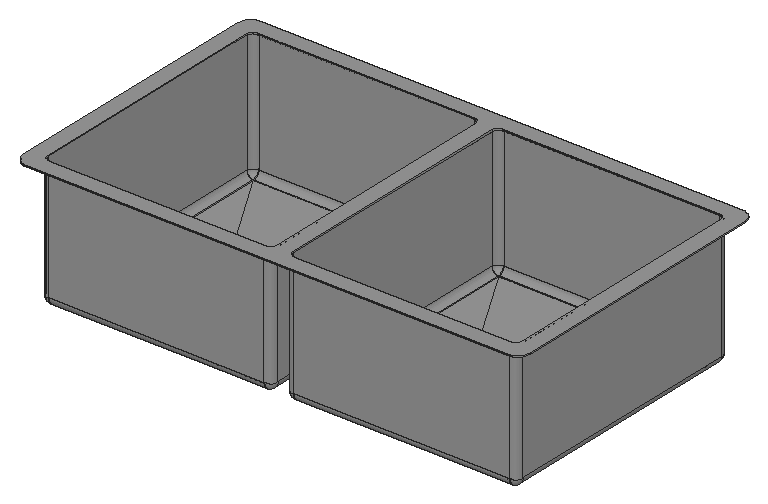
Revit family "BUILDMAT-SNGD013-Madison-775-Brass-Gold", category Plumbing Fixtures, host Face, Revit 2020
Family settings
  Host = Face
  Round Connector Dimension = Use Diameter
  Part Type = Normal
  Cut with Voids When Loaded = No
  Shared = No
  Room Calculation Point = No
Parameters (values of type "Madison 775x450x205mm")
  Width 2 = 350.0 mm
  Width 1 = 350.0 mm
  Undermount [instance] = 20.0 mm
  URL = "https://www.buildmat.com.au/products/775x450-madison-double-bowl-sink"
  Sound Pad 2 = yes
  Sound Pad 1 = yes
  Model = "SNA01013"  # constant formula
  Manufacturer URL = "https://www.buildmat.com.au/"
  Manufacturer = "BUILDMAT"  # constant formula
  Length = 400.0 mm
  Gap = 25.0 mm
  Drain Sound Pad 2 = yes
  Drain Sound Pad 1 = yes
  Description = "BUILDMAT - Madison 775x450 Double Bowl Sink"  # constant formula
  Depth = 205.0 mm
  Default Elevation = 1200.0 mm
  D. S. Pad 2 = 230.0 mm
  D. S. Pad 1 = 230.0 mm
  D. Bracket 4 = 100.0 mm
  D. Bracket 3 = 25.0 mm
  D. Bracket 2 = 30.0 mm
  D. Bracket 1 = 100.0 mm
  Created By URL = "https://www.buildmat.com.au/"
  Created By = "BUILDMAT"  # constant formula
  Created = "22.06.2022"  # constant formula
  Bracket 4 = yes
  Bracket 3 = no
  Bracket 2 = yes
  Bracket 1 = yes
  Material = BUILDMAT Brass Gold
Reference planes
  plane 1 "Center (Front/Back)": y = 0
  plane 2: z = 0
  plane 3 "Center (Left/Right)": x = 0
  plane 4: x = -12.5
  plane 5: x = 12.5
  plane 6: x = -362.5
  plane 7: x = 362.5
  plane 8: y = -200
  plane 9: y = 200
  plane 10: x = -387.5
  plane 11: x = 387.5
  plane 12: y = -225
  plane 13: y = 225
  plane 14: x = 187.5
  plane 15: x = -187.5
  plane 16: y = 190
  plane 17: y = -190
  plane 18: x = -352.5
  plane 19: x = -22.5
  plane 20: x = 22.5
  plane 21: x = 352.5
  plane 22: y = 201.5
  plane 23: y = -201.5
  plane 24: x = -364
  plane 25: x = -11
  plane 26: x = 11
  plane 27: x = 364
  plane 28: x = -244.5
  plane 29: x = -130.5
  plane 30: x = -142.5
  plane 31: x = -232.5
  plane 32: x = 130.5
  plane 33: x = 142.5
  plane 34: x = 232.5
  plane 35: x = 244.5
  plane 36 "Sound Pad 1": x = -132.5
  plane 37 "Sound Pad 2": x = 132.5
  plane 38 "Top Substrate": z = -20
  plane 39: z = -18.5
  plane 40 "Bottom Void": z = -225
  plane 41: z = -215
  plane 42: z = -205
  plane 43: z = -220
  plane 44: z = -221.481
  plane 45: z = -216.5
  plane 46 "Sound Pad": z = -125
  plane 47 "Bracket 1": x = -262.5
  plane 48 "Bracket 2": x = -42.5
  plane 49 "Bracket 3": x = 37.5
  plane 50 "Bracket 4": x = 262.5
  plane 51: y = 100
  plane 52: y = -100
  plane 53: x = -287.5
  plane 54: x = -87.5
  plane 55: x = 87.5
  plane 56: x = 287.5
  plane 57: z = -185
  plane 58: z = -165
Forms (mm)
  Extrusion 1, void
    sketch origin (0, 0, 0) x (1, 0, 0) y (0, 1, 0)
      loop
        arc (-352.5, 200) -> (-359.571, 197.071) -> (-362.5, 190) r 10
        line (-362.5, 190) -> (-362.5, -190)
        arc (-362.5, -190) -> (-359.571, -197.071) -> (-352.5, -200) r 10
        line (-352.5, -200) -> (352.5, -200)
        arc (352.5, -200) -> (359.571, -197.071) -> (362.5, -190) r 10
        line (362.5, -190) -> (362.5, 190)
        arc (362.5, 190) -> (359.571, 197.071) -> (352.5, 200) r 10
        line (352.5, 200) -> (-352.5, 200)
    from 0 to -18.5
  Extrusion 2, void
    sketch origin (0, 0, 0) x (1, 0, 0) y (0, 1, 0)
      loop
        arc (-367.5, 225) -> (-381.642, 219.142) -> (-387.5, 205) r 20
        line (-387.5, 205) -> (-387.5, -205)
        arc (-387.5, -205) -> (-381.642, -219.142) -> (-367.5, -225) r 20
        line (-367.5, -225) -> (367.5, -225)
        arc (367.5, -225) -> (381.642, -219.142) -> (387.5, -205) r 20
        line (387.5, -205) -> (387.5, 205)
        arc (387.5, 205) -> (381.642, 219.142) -> (367.5, 225) r 20
        line (367.5, 225) -> (-367.5, 225)
    from -20 to -18.5
  Extrusion 3, void
    sketch origin (0, 0, 0) x (1, 0, 0) y (0, 1, 0)
      loop
        line (-364, 201.5) -> (-364, -201.5) -> (364, -201.5) -> (364, 201.5) -> (-364, 201.5)
    from -225 to -20
  Extrusion 4, solid, material "BUILDMAT Brass Gold" <- "Material"
    sketch origin (0, 0, -20) x (-1, 0, 0) y (0, -1, 0)
      loop
        arc (367.5, -225) -> (381.642, -219.142) -> (387.5, -205) r 20
        line (387.5, -205) -> (387.5, 205)
        arc (387.5, 205) -> (381.642, 219.142) -> (367.5, 225) r 20
        line (367.5, 225) -> (-367.5, 225)
        arc (-367.5, 225) -> (-381.642, 219.142) -> (-387.5, 205) r 20
        line (-387.5, 205) -> (-387.5, -205)
        arc (-387.5, -205) -> (-381.642, -219.142) -> (-367.5, -225) r 20
        line (-367.5, -225) -> (367.5, -225)
      loop
        arc (352.5, -200) -> (359.571, -197.071) -> (362.5, -190) r 10
        line (362.5, -190) -> (362.5, 190)
        arc (362.5, 190) -> (359.571, 197.071) -> (352.5, 200) r 10
        line (352.5, 200) -> (22.5, 200)
        arc (22.5, 200) -> (15.429, 197.071) -> (12.5, 190) r 10
        line (12.5, 190) -> (12.5, -190)
        arc (12.5, -190) -> (15.429, -197.071) -> (22.5, -200) r 10
        line (22.5, -200) -> (352.5, -200)
      loop
        line (-12.5, -190) -> (-12.5, 190)
        arc (-12.5, 190) -> (-15.429, 197.071) -> (-22.5, 200) r 10
        line (-22.5, 200) -> (-352.5, 200)
        arc (-352.5, 200) -> (-359.571, 197.071) -> (-362.5, 190) r 10
        line (-362.5, 190) -> (-362.5, -190)
        arc (-362.5, -190) -> (-359.571, -197.071) -> (-352.5, -200) r 10
        line (-352.5, -200) -> (-22.5, -200)
        arc (-22.5, -200) -> (-15.429, -197.071) -> (-12.5, -190) r 10
    from 0 to 1.5
  Extrusion 5, solid, material "BUILDMAT Brass Gold" <- "Material"
    sketch origin (0, 0, -20) x (-1, 0, 0) y (0, -1, 0)
      loop
        arc (352.5, -200) -> (359.571, -197.071) -> (362.5, -190) r 10
        line (362.5, -190) -> (362.5, 190)
        arc (362.5, 190) -> (359.571, 197.071) -> (352.5, 200) r 10
        line (352.5, 200) -> (22.5, 200)
        arc (22.5, 200) -> (15.429, 197.071) -> (12.5, 190) r 10
        line (12.5, 190) -> (12.5, -190)
        arc (12.5, -190) -> (15.429, -197.071) -> (22.5, -200) r 10
        line (22.5, -200) -> (352.5, -200)
      loop
        arc (352.5, -201.5) -> (360.632, -198.132) -> (364, -190) r 11.5
        line (364, -190) -> (364, 190)
        arc (364, 190) -> (360.632, 198.132) -> (352.5, 201.5) r 11.5
        line (352.5, 201.5) -> (22.5, 201.5)
        arc (22.5, 201.5) -> (14.368, 198.132) -> (11, 190) r 11.5
        line (11, 190) -> (11, -190)
        arc (11, -190) -> (14.368, -198.132) -> (22.5, -201.5) r 11.5
        line (22.5, -201.5) -> (352.5, -201.5)
    from 0 to -185
  Extrusion 6, solid, material "BUILDMAT Brass Gold" <- "Material"
    sketch origin (0, 0, -20) x (-1, 0, 0) y (0, -1, 0)
      loop
        arc (-22.5, -200) -> (-15.429, -197.071) -> (-12.5, -190) r 10
        line (-12.5, -190) -> (-12.5, 190)
        arc (-12.5, 190) -> (-15.429, 197.071) -> (-22.5, 200) r 10
        line (-22.5, 200) -> (-352.5, 200)
        arc (-352.5, 200) -> (-359.571, 197.071) -> (-362.5, 190) r 10
        line (-362.5, 190) -> (-362.5, -190)
        arc (-362.5, -190) -> (-359.571, -197.071) -> (-352.5, -200) r 10
        line (-352.5, -200) -> (-22.5, -200)
      loop
        line (-11, -190) -> (-11, 190)
        arc (-11, 190) -> (-14.368, 198.132) -> (-22.5, 201.5) r 11.5
        line (-22.5, 201.5) -> (-352.5, 201.5)
        arc (-352.5, 201.5) -> (-360.632, 198.132) -> (-364, 190) r 11.5
        line (-364, 190) -> (-364, -190)
        arc (-364, -190) -> (-360.632, -198.132) -> (-352.5, -201.5) r 11.5
        line (-352.5, -201.5) -> (-22.5, -201.5)
        arc (-22.5, -201.5) -> (-14.368, -198.132) -> (-11, -190) r 11.5
    from 0 to -185
  Extrusion 7, solid, material "BUILDMAT Brass Gold" <- "Material"
    sketch origin (0, 0, 0) x (1, 0, 0) y (0, 0, 1)
      loop
        line (-362.5, -205) -> (-364, -205)
        arc (-364, -205) -> (-360.632, -213.132) -> (-352.5, -216.5) r 11.5
        line (-352.5, -216.5) -> (-352.5, -215)
        arc (-352.5, -215) -> (-359.571, -212.071) -> (-362.5, -205) r 10
    from -190 to 190
  Extrusion 8, solid, material "BUILDMAT Brass Gold" <- "Material"
    sketch origin (0, 0, 0) x (1, 0, 0) y (0, 0, 1)
      loop
        arc (-12.5, -205) -> (-15.429, -212.071) -> (-22.5, -215) r 10
        line (-22.5, -215) -> (-22.5, -216.5)
        arc (-22.5, -216.5) -> (-14.368, -213.132) -> (-11, -205) r 11.5
        line (-11, -205) -> (-12.5, -205)
    from -190 to 190
  Extrusion 9, solid, material "BUILDMAT Brass Gold" <- "Material"
    sketch origin (0, 0, 0) x (1, 0, 0) y (0, 0, 1)
      loop
        line (12.5, -205) -> (11, -205)
        arc (11, -205) -> (14.368, -213.132) -> (22.5, -216.5) r 11.5
        line (22.5, -216.5) -> (22.5, -215)
        arc (22.5, -215) -> (15.429, -212.071) -> (12.5, -205) r 10
    from -190 to 190
  Extrusion 10, solid, material "BUILDMAT Brass Gold" <- "Material"
    sketch origin (0, 0, 0) x (1, 0, 0) y (0, 0, 1)
      loop
        arc (362.5, -205) -> (359.571, -212.071) -> (352.5, -215) r 10
        line (352.5, -215) -> (352.5, -216.5)
        arc (352.5, -216.5) -> (360.632, -213.132) -> (364, -205) r 11.5
        line (364, -205) -> (362.5, -205)
    from -190 to 190
  Extrusion 11, solid, material "BUILDMAT Brass Gold" <- "Material"
    sketch origin (0, 0, 0) x (0, 1, 0) y (0, 0, 1)
      loop
        line (201.5, -205) -> (200, -205)
        arc (200, -205) -> (197.071, -212.071) -> (190, -215) r 10
        line (190, -215) -> (190, -216.5)
        arc (190, -216.5) -> (198.132, -213.132) -> (201.5, -205) r 11.5
    from 22.5 to 352.5
  Extrusion 12, solid, material "BUILDMAT Brass Gold" <- "Material"
    sketch origin (0, 0, 0) x (0, 1, 0) y (0, 0, 1)
      loop
        line (-200, -205) -> (-201.5, -205)
        arc (-201.5, -205) -> (-198.132, -213.132) -> (-190, -216.5) r 11.5
        line (-190, -216.5) -> (-190, -215)
        arc (-190, -215) -> (-197.071, -212.071) -> (-200, -205) r 10
    from 22.5 to 352.5
  Extrusion 13, solid, material "BUILDMAT Brass Gold" <- "Material"
    sketch origin (0, 0, 0) x (0, 1, 0) y (0, 0, 1)
      loop
        arc (200, -205) -> (197.071, -212.071) -> (190, -215) r 10
        line (190, -215) -> (190, -216.5)
        arc (190, -216.5) -> (198.132, -213.132) -> (201.5, -205) r 11.5
        line (201.5, -205) -> (200, -205)
    from -352.5 to -22.5
  Extrusion 14, solid, material "BUILDMAT Brass Gold" <- "Material"
    sketch origin (0, 0, 0) x (0, 1, 0) y (0, 0, 1)
      loop
        line (-200, -205) -> (-201.5, -205)
        arc (-201.5, -205) -> (-198.132, -213.132) -> (-190, -216.5) r 11.5
        line (-190, -216.5) -> (-190, -215)
        arc (-190, -215) -> (-197.071, -212.071) -> (-200, -205) r 10
    from -352.5 to -22.5
  Revolve 15, solid, material "BUILDMAT Brass Gold" <- "Material"
    sketch origin (-423.435, 190, 4000) x (-1, 0, 0) y (0, 0, 1)
      loop
        arc (-60.935, -4205) -> (-63.864, -4212.071) -> (-70.935, -4215) r 10
        line (-70.935, -4215) -> (-70.935, -4216.5)
        arc (-70.935, -4216.5) -> (-62.804, -4213.132) -> (-59.435, -4205) r 11.5
        line (-59.435, -4205) -> (-60.935, -4205)
      axis (-70.935, -4205) -> (-70.935, -4216.5)
    angle from -90 to 0
  Revolve 16, solid, material "BUILDMAT Brass Gold" <- "Material"
    sketch origin (-423.435, 190, 4000) x (-1, 0, 0) y (0, 0, 1)
      loop
        line (-410.935, -4205) -> (-412.435, -4205)
        arc (-412.435, -4205) -> (-409.067, -4213.132) -> (-400.935, -4216.5) r 11.5
        line (-400.935, -4216.5) -> (-400.935, -4215)
        arc (-400.935, -4215) -> (-408.006, -4212.071) -> (-410.935, -4205) r 10
      axis (-400.935, -4205) -> (-400.935, -4216.5)
    angle from -90 to 0
  Revolve 17, solid, material "BUILDMAT Brass Gold" <- "Material"
    sketch origin (-423.435, 190, 4000) x (-1, 0, 0) y (0, 0, 1)
      loop
        arc (-435.935, -4205) -> (-438.864, -4212.071) -> (-445.935, -4215) r 10
        line (-445.935, -4215) -> (-445.935, -4216.5)
        arc (-445.935, -4216.5) -> (-437.804, -4213.132) -> (-434.435, -4205) r 11.5
        line (-434.435, -4205) -> (-435.935, -4205)
      axis (-445.935, -4205) -> (-445.935, -4216.5)
    angle from -90 to 0
  Revolve 18, solid, material "BUILDMAT Brass Gold" <- "Material"
    sketch origin (-423.435, 190, 4000) x (-1, 0, 0) y (0, 0, 1)
      loop
        line (-785.935, -4205) -> (-787.435, -4205)
        arc (-787.435, -4205) -> (-784.067, -4213.132) -> (-775.935, -4216.5) r 11.5
        line (-775.935, -4216.5) -> (-775.935, -4215)
        arc (-775.935, -4215) -> (-783.006, -4212.071) -> (-785.935, -4205) r 10
      axis (-775.935, -4205) -> (-775.935, -4216.5)
    angle from -90 to 0
  Revolve 19, solid, material "BUILDMAT Brass Gold" <- "Material"
    sketch origin (-423.435, -190, 4000) x (-1, 0, 0) y (0, 0, 1)
      loop
        arc (-60.935, -4205) -> (-63.864, -4212.071) -> (-70.935, -4215) r 10
        line (-70.935, -4215) -> (-70.935, -4216.5)
        arc (-70.935, -4216.5) -> (-62.804, -4213.132) -> (-59.435, -4205) r 11.5
        line (-59.435, -4205) -> (-60.935, -4205)
      axis (-70.935, -4205) -> (-70.935, -4216.5)
    angle from 0 to 90
  Revolve 20, solid, material "BUILDMAT Brass Gold" <- "Material"
    sketch origin (-423.435, -190, 4000) x (-1, 0, 0) y (0, 0, 1)
      loop
        arc (-412.435, -4205) -> (-409.067, -4213.132) -> (-400.935, -4216.5) r 11.5
        line (-400.935, -4216.5) -> (-400.935, -4215)
        arc (-400.935, -4215) -> (-408.006, -4212.071) -> (-410.935, -4205) r 10
        line (-410.935, -4205) -> (-412.435, -4205)
      axis (-400.935, -4205) -> (-400.935, -4216.5)
    angle from 0 to 90
  Revolve 21, solid, material "BUILDMAT Brass Gold" <- "Material"
    sketch origin (-423.435, -190, 4000) x (-1, 0, 0) y (0, 0, 1)
      loop
        line (-434.435, -4205) -> (-435.935, -4205)
        arc (-435.935, -4205) -> (-438.864, -4212.071) -> (-445.935, -4215) r 10
        line (-445.935, -4215) -> (-445.935, -4216.5)
        arc (-445.935, -4216.5) -> (-437.804, -4213.132) -> (-434.435, -4205) r 11.5
      axis (-445.935, -4205) -> (-445.935, -4216.5)
    angle from 0 to 90
  Revolve 22, solid, material "BUILDMAT Brass Gold" <- "Material"
    sketch origin (-423.435, -190, 4000) x (-1, 0, 0) y (0, 0, 1)
      loop
        arc (-787.435, -4205) -> (-784.067, -4213.132) -> (-775.935, -4216.5) r 11.5
        line (-775.935, -4216.5) -> (-775.935, -4215)
        arc (-775.935, -4215) -> (-783.006, -4212.071) -> (-785.935, -4205) r 10
        line (-785.935, -4205) -> (-787.435, -4205)
      axis (-775.935, -4205) -> (-775.935, -4216.5)
    angle from 0 to 90
  Extrusion 23, solid, material "BUILDMAT Brass Gold" <- "Material"
    sketch origin (0, 0, -20) x (-1, 0, 0) y (0, -1, 0)
      loop
        line (22.5, -190) -> (352.5, -190) -> (352.5, 190) -> (22.5, 190) -> (22.5, -190)
    from -196.5 to -195
  Extrusion 24, solid, material "BUILDMAT Brass Gold" <- "Material"
    sketch origin (0, 0, -20) x (-1, 0, 0) y (0, -1, 0)
      loop
        line (-22.5, -190) -> (-22.5, 190) -> (-352.5, 190) -> (-352.5, -190) -> (-22.5, -190)
    from -196.5 to -195
  Blend 25, solid, material "BUILDMAT Brass Gold" <- "Material"
    base sketch origin (0, 0, -20) x (-1, 0, 0) y (0, -1, 0)
      loop
        circle (187.5, 0) r 57
    top sketch origin (0, 0, -20) x (-1, 0, 0) y (0, -1, 0)
      loop
        line (352.5, -190) -> (352.5, 190) -> (22.5, 190) -> (22.5, -190) -> (352.5, -190)
    from -201.481 to -196.5
  Blend 26, solid, material "BUILDMAT Brass Gold" <- "Material"
    base sketch origin (0, 0, -20) x (-1, 0, 0) y (0, -1, 0)
      loop
        circle (-187.5, 0) r 57
    top sketch origin (0, 0, -20) x (-1, 0, 0) y (0, -1, 0)
      loop
        line (-22.5, -190) -> (-22.5, 190) -> (-352.5, 190) -> (-352.5, -190) -> (-22.5, -190)
    from -201.481 to -196.5
  Blend 27, void
    base sketch origin (0, 0, -20) x (-1, 0, 0) y (0, -1, 0)
      loop
        circle (187.5, 0) r 57
    top sketch origin (0, 0, -20) x (-1, 0, 0) y (0, -1, 0)
      loop
        line (352.5, -190) -> (352.5, 190) -> (22.5, 190) -> (22.5, -190) -> (352.5, -190)
    from -200 to -195
  Blend 28, void
    base sketch origin (0, 0, -20) x (-1, 0, 0) y (0, -1, 0)
      loop
        circle (-187.5, 0) r 57
    top sketch origin (0, 0, -20) x (-1, 0, 0) y (0, -1, 0)
      loop
        line (-22.5, -190) -> (-22.5, 190) -> (-352.5, 190) -> (-352.5, -190) -> (-22.5, -190)
    from -200 to -195
  Extrusion 29, void
    sketch origin (0, 0, -225) x (-1, 0, 0) y (0, -1, 0)
      loop
        circle (187.5, 0) r 57
    from 0 to 5
  Extrusion 30, void
    sketch origin (0, 0, -225) x (-1, 0, 0) y (0, -1, 0)
      loop
        circle (-187.5, 0) r 57
    from 0 to 5
  Revolve 31, solid, material "BUILDMAT Brass Gold" <- "Material"
    sketch origin (0, 0, 0) x (1, 0, 0) y (0, 0, 1)
      loop
        spline (-244.5, -220) -> (-244.397, -220.653) -> (-244.091, -221.294) -> (-243.587, -221.913) -> (-242.892, -222.5) -> (-242.02, -223.044) -> (-240.985, -223.536) -> (-239.805, -223.967) -> (-238.5, -224.33) -> (-237.092, -224.619) -> (-235.606, -224.83) -> (-234.066, -224.957) -> (-232.5, -225)
        line (-232.5, -225) -> (-232.5, -223.5)
        spline (-232.5, -223.5) -> (-233.871, -223.47) -> (-235.218, -223.381) -> (-236.518, -223.234) -> (-237.75, -223.031) -> (-238.892, -222.777) -> (-239.925, -222.475) -> (-240.83, -222.131) -> (-241.593, -221.75) -> (-242.201, -221.339) -> (-242.642, -220.906) -> (-242.91, -220.457) -> (-243, -220)
        line (-243, -220) -> (-244.5, -220)
      axis (-187.5, -225) -> (-187.5, -220)
    angle from 0 to 360
  Revolve 32, solid, material "BUILDMAT Brass Gold" <- "Material"
    sketch origin (0, 0, 0) x (1, 0, 0) y (0, 0, 1)
      loop
        line (244.5, -220) -> (243, -220)
        spline (243, -220) -> (242.91, -220.457) -> (242.642, -220.906) -> (242.201, -221.339) -> (241.593, -221.75) -> (240.83, -222.131) -> (239.925, -222.475) -> (238.892, -222.777) -> (237.75, -223.031) -> (236.518, -223.234) -> (235.218, -223.381) -> (233.871, -223.47) -> (232.5, -223.5)
        line (232.5, -223.5) -> (232.5, -225)
        spline (232.5, -225) -> (234.066, -224.957) -> (235.606, -224.83) -> (237.092, -224.619) -> (238.5, -224.33) -> (239.805, -223.967) -> (240.985, -223.536) -> (242.02, -223.044) -> (242.892, -222.5) -> (243.587, -221.913) -> (244.091, -221.294) -> (244.397, -220.653) -> (244.5, -220)
      axis (187.5, -220) -> (187.5, -225)
    angle from 0 to 360
Cuts and joins
  Blend 27, Extrusion 29 cuts Extrusion 23
  Blend 27, Extrusion 29 cuts Blend 25
  joined: Extrusion 23, Blend 25
  Blend 28, Extrusion 30 cuts Extrusion 24
  Blend 28, Extrusion 30 cuts Blend 26
  joined: Extrusion 24, Blend 26
Lines and regions (mm)
  Masking region 1
    outline origin (0, 0, 0) x (1, 0, 0) y (0, 0, 1)
      loop
        line (-362.5, -20) -> (-362.5, -205)
        arc (-362.5, -205) -> (-359.571, -212.071) -> (-352.5, -215) r 10
        line (-352.5, -215) -> (-244.5, -220) -> (-130.5, -220) -> (-22.5, -215)
        arc (-22.5, -215) -> (-15.429, -212.071) -> (-12.5, -205) r 10
        line (-12.5, -205) -> (-12.5, -20) -> (-362.5, -20)
  Masking region 2
    outline origin (0, 0, 0) x (1, 0, 0) y (0, 0, 1)
      loop
        line (12.5, -20) -> (12.5, -205)
        arc (12.5, -205) -> (15.109, -211.736) -> (21.576, -214.957) r 10
        line (21.576, -214.957) -> (130.5, -220) -> (244.5, -220) -> (352.5, -215)
        arc (352.5, -215) -> (359.571, -212.071) -> (362.5, -205) r 10
        line (362.5, -205) -> (362.5, -20) -> (12.5, -20)
  Masking region 3, visible <- "Drain Sound Pad 1"
    outline origin (0, 0, 0) x (1, 0, 0) y (0, 0, 1)
      loop
        line (-244.5, -221.481) -> (-287.5, -219.498) -> (-287.5, -225) -> (-244.5, -225) -> (-244.5, -221.481)
  Masking region 4, visible <- "Drain Sound Pad 1"
    outline origin (0, 0, 0) x (1, 0, 0) y (0, 0, 1)
      loop
        line (-130.5, -221.481) -> (-130.5, -225) -> (-87.5, -225) -> (-87.5, -219.498) -> (-130.5, -221.481)
  Masking region 5, visible <- "Drain Sound Pad 2"
    outline origin (0, 0, 0) x (1, 0, 0) y (0, 0, 1)
      loop
        line (87.5, -219.498) -> (87.5, -225) -> (130.5, -225) -> (130.5, -221.481) -> (87.5, -219.498)
  Masking region 6, visible <- "Drain Sound Pad 2"
    outline origin (0, 0, 0) x (1, 0, 0) y (0, 0, 1)
      loop
        line (287.5, -219.498) -> (244.5, -221.481) -> (244.5, -225) -> (287.5, -225) -> (287.5, -219.498)
  Masking region 7
    outline origin (0, 0, 0) x (1, 0, 0) y (0, 0, 1)
      loop
        line (-11, -165) -> (-11, -185) -> (11, -185) -> (11, -165) -> (-11, -165)
Text (mm)
  text "Refer to www.buildmat.com.au for the most current product literature. \nAllow a +/- 5mm tolerance for dimensions shown in the product literature. \nPlease note product details are subject to change due to ongoing product development." at (0.056, -1035.857, 0), in view "Ref. Level"
Dimensions and locks
  equal spacing: plane 4, plane 3 "Center (Left/Right)", plane 5
  "Gap": plane 4 to plane 5
  "Width 1": plane 6 to plane 4
  "Width 2": plane 5 to plane 7
  equal spacing: plane 9, plane 1 "Center (Front/Back)", plane 8
  "Length": plane 8 to plane 9
  locked: plane 10 to plane 6 at 25
  locked: plane 7 to plane 11 at 25
  locked: plane 13 to plane 9 at 25
  locked: plane 8 to plane 12 at 25
  equal spacing: plane 5, plane 14, plane 7
  equal spacing: plane 6, plane 15, plane 4
  locked: plane 9 to plane 16 at 10
  locked: plane 17 to plane 8 at 10
  locked: plane 6 to plane 18 at 10
  locked: plane 19 to plane 4 at 10
  locked: plane 5 to plane 20 at 10
  locked: plane 21 to plane 7 at 10
  locked: plane 8 to plane 23 at 1.5
  locked: plane 22 to plane 9 at 1.5
  locked: plane 24 to plane 6 at 1.5
  locked: plane 4 to plane 25 at 1.5
  locked: plane 26 to plane 5 at 1.5
  locked: plane 7 to plane 27 at 1.5
  plane 28 to plane 15 to plane 29 = 57.0 mm locked, 57.0 mm locked
  plane 31 to plane 15 to plane 30 = 45.0 mm locked, 45.0 mm locked
  plane 32 to plane 14 to plane 35 = 57.0 mm locked, 57.0 mm locked
  plane 33 to plane 14 to plane 34 = 45.0 mm locked, 45.0 mm locked
  locked: plane 39 to plane 38 "Top Substrate" at 1.5
  plane 42 to plane 41 to plane 40 "Bottom Void" = 10.0 mm locked, 10.0 mm locked
  locked: plane 43 to plane 40 "Bottom Void" at 5
  locked: plane 43 to plane 44 at 1.481
  locked: plane 41 to plane 45 at 1.5
  locked: plane 46 "Sound Pad" to plane 40 "Bottom Void" at 100
  "Depth": plane 38 "Top Substrate" to plane 40 "Bottom Void"
  "Undermount": plane 2 to plane 38 "Top Substrate"
  "D. S. Pad 1": plane 36 "Sound Pad 1" to plane 6
  "D. S. Pad 2": plane 7 to plane 37 "Sound Pad 2"
  "D. Bracket 1": plane 47 "Bracket 1" to plane 6
  "D. Bracket 2": plane 4 to plane 48 "Bracket 2"
  "D. Bracket 3": plane 49 "Bracket 3" to plane 5
  "D. Bracket 4": plane 7 to plane 50 "Bracket 4"
  locked: plane 9 to plane 51 at 100
  locked: plane 52 to plane 8 at 100
  plane 54 to plane 15 to plane 53 = 100.0 mm locked, 100.0 mm locked
  plane 56 to plane 14 to plane 55 = 100.0 mm locked, 100.0 mm locked
  plane 58 to plane 57 to plane 42 = 20.0 mm locked, 20.0 mm locked
  aligned and locked: plane 2 to host face
  aligned and locked: level to host face
  aligned and locked: Extrusion 1 sketch curve to plane 9
  aligned and locked: Extrusion 1 sketch curve to plane 6
  aligned and locked: Extrusion 1 sketch curve to plane 7
  aligned and locked: Extrusion 1 sketch curve to plane 8
  aligned and locked: Extrusion 1 to level
  aligned and locked: Extrusion 1 to plane 39
  aligned and locked: Extrusion 2 sketch curve to plane 13
  aligned and locked: Extrusion 2 sketch curve to plane 10
  aligned and locked: Extrusion 2 sketch curve to plane 11
  aligned and locked: Extrusion 2 sketch curve to plane 12
  aligned and locked: Extrusion 2 to plane 38 "Top Substrate"
  aligned and locked: Extrusion 2 to plane 39
  aligned and locked: Extrusion 3 sketch curve to plane 22
  aligned and locked: Extrusion 3 sketch curve to plane 24
  aligned and locked: Extrusion 3 sketch curve to plane 27
  aligned and locked: Extrusion 3 sketch curve to plane 23
  aligned and locked: Extrusion 3 to plane 40 "Bottom Void"
  aligned and locked: plane 38 "Top Substrate" to Extrusion 3
  aligned and locked: Extrusion 4 sketch curve to plane 13
  aligned and locked: Extrusion 4 sketch curve to plane 10
  aligned and locked: Extrusion 4 sketch curve to plane 11
  aligned and locked: Extrusion 4 sketch curve to plane 12
  aligned and locked: Extrusion 4 sketch curve to plane 9  (x2)
  aligned and locked: Extrusion 4 sketch curve to plane 6
  aligned and locked: Extrusion 4 sketch curve to plane 8  (x2)
  aligned and locked: Extrusion 4 sketch curve to plane 4
  aligned and locked: Extrusion 4 sketch curve to plane 5
  aligned and locked: Extrusion 4 sketch curve to plane 7
  aligned and locked: Extrusion 4 to plane 38 "Top Substrate"
  aligned and locked: Extrusion 4 to plane 39
  aligned and locked: Extrusion 5 sketch curve to plane 9
  aligned and locked: Extrusion 5 sketch curve to plane 22
  aligned and locked: Extrusion 5 sketch curve to plane 6
  aligned and locked: Extrusion 5 sketch curve to plane 24
  aligned and locked: Extrusion 5 sketch curve to plane 25
  aligned and locked: Extrusion 5 sketch curve to plane 4
  aligned and locked: Extrusion 5 sketch curve to plane 23
  aligned and locked: Extrusion 5 sketch curve to plane 8
  aligned and locked: Extrusion 5 to plane 42
  aligned and locked: plane 38 "Top Substrate" to Extrusion 5
  aligned and locked: Extrusion 6 sketch curve to plane 9
  aligned and locked: Extrusion 6 sketch curve to plane 7
  aligned and locked: Extrusion 6 sketch curve to plane 8
  aligned and locked: Extrusion 6 sketch curve to plane 5
  aligned and locked: Extrusion 6 sketch curve to plane 26
  aligned and locked: Extrusion 6 sketch curve to plane 27
  aligned and locked: Extrusion 6 sketch curve to plane 22
  aligned and locked: Extrusion 6 sketch curve to plane 23
  aligned and locked: Extrusion 6 to plane 42
  aligned and locked: plane 38 "Top Substrate" to Extrusion 6
  aligned and locked: Extrusion 7 sketch curve to plane 42
  aligned and locked: Extrusion 7 sketch curve to plane 18
  aligned and locked: Extrusion 8 sketch curve to plane 42
  aligned and locked: Extrusion 8 sketch curve to plane 19
  aligned and locked: Extrusion 9 sketch curve to plane 42
  aligned and locked: Extrusion 9 sketch curve to plane 20
  aligned and locked: Extrusion 10 sketch curve to plane 21
  aligned and locked: plane 42 to Extrusion 10 sketch curve
  aligned and locked: plane 16 to Extrusion 10
  aligned and locked: plane 16 to Extrusion 9
  aligned and locked: plane 16 to Extrusion 8
  aligned and locked: plane 16 to Extrusion 7
  aligned and locked: Extrusion 10 to plane 17
  aligned and locked: Extrusion 9 to plane 17
  aligned and locked: Extrusion 8 to plane 17
  aligned and locked: Extrusion 7 to plane 17
  aligned and locked: plane 42 to Extrusion 11 sketch curve
  aligned and locked: plane 16 to Extrusion 11 sketch curve
  aligned and locked: plane 17 to Extrusion 12 sketch curve
  aligned and locked: plane 42 to Extrusion 12 sketch curve
  aligned and locked: plane 21 to Extrusion 11
  aligned and locked: plane 21 to Extrusion 12
  aligned and locked: Extrusion 11 to plane 20
  aligned and locked: Extrusion 12 to plane 20
  aligned and locked: plane 16 to Extrusion 13 sketch curve
  aligned and locked: plane 42 to Extrusion 13 sketch curve
  aligned and locked: plane 17 to Extrusion 14 sketch curve
  aligned and locked: plane 42 to Extrusion 14 sketch curve
  aligned and locked: Extrusion 14 to plane 18
  aligned and locked: plane 19 to Extrusion 14
  aligned and locked: Extrusion 13 to plane 18
  aligned and locked: plane 19 to Extrusion 13
  aligned and locked: Revolve 15 sketch curve to plane 18
  aligned and locked: plane 42 to Revolve 15 sketch curve
  aligned and locked: plane 18 to Revolve 15 sketch curve
  aligned and locked: plane 18 to Revolve 15
  aligned and locked: plane 16 to Revolve 15
  aligned and locked: Revolve 16 sketch curve to plane 19
  aligned and locked: plane 19 to Revolve 16 sketch curve
  aligned and locked: plane 42 to Revolve 16 sketch curve
  aligned and locked: Revolve 16 to plane 19
  aligned and locked: plane 16 to Revolve 16
  aligned and locked: Revolve 17 sketch curve to plane 20
  aligned and locked: plane 42 to Revolve 17 sketch curve
  aligned and locked: plane 20 to Revolve 17 sketch curve
  aligned and locked: plane 20 to Revolve 17
  aligned and locked: plane 16 to Revolve 17
  aligned and locked: Revolve 18 sketch curve to plane 21
  aligned and locked: plane 21 to Revolve 18 sketch curve
  aligned and locked: plane 42 to Revolve 18 sketch curve
  aligned and locked: Revolve 18 to plane 21
  aligned and locked: Revolve 18 to plane 16
  aligned and locked: Revolve 19 sketch curve to plane 18
  aligned and locked: plane 42 to Revolve 19 sketch curve
  aligned and locked: plane 18 to Revolve 19 sketch curve
  aligned and locked: Revolve 19 to plane 18
  aligned and locked: plane 17 to Revolve 19
  aligned and locked: Revolve 20 sketch curve to plane 19
  aligned and locked: plane 42 to Revolve 20 sketch curve
  aligned and locked: plane 19 to Revolve 20 sketch curve
  aligned and locked: plane 19 to Revolve 20
  aligned and locked: plane 17 to Revolve 20
  aligned and locked: Revolve 21 sketch curve to plane 20
  aligned and locked: plane 42 to Revolve 21 sketch curve
  aligned and locked: plane 20 to Revolve 21 sketch curve
  aligned and locked: Revolve 21 to plane 20
  aligned and locked: plane 17 to Revolve 21
  aligned and locked: Revolve 22 sketch curve to plane 21
  aligned and locked: plane 42 to Revolve 22 sketch curve
  aligned and locked: plane 21 to Revolve 22 sketch curve
  aligned and locked: Revolve 22 to plane 17
  aligned and locked: plane 21 to Revolve 22
  aligned and locked: Extrusion 23 sketch curve to plane 19
  aligned and locked: Extrusion 23 sketch curve to plane 18
  aligned and locked: Extrusion 23 sketch curve to plane 16
  aligned and locked: Extrusion 23 sketch curve to plane 17
  aligned and locked: Extrusion 23 to plane 45
  aligned and locked: plane 41 to Extrusion 23
  aligned and locked: Extrusion 24 sketch curve to plane 16
  aligned and locked: Extrusion 24 sketch curve to plane 17
  aligned and locked: Extrusion 24 sketch curve to plane 21
  aligned and locked: Extrusion 24 sketch curve to plane 20
  aligned and locked: Extrusion 24 to plane 45
  aligned and locked: Extrusion 24 to plane 41
  aligned and locked: plane 44 to Blend 25
  aligned and locked: plane 45 to Blend 25
  aligned and locked: plane 44 to Blend 26
  aligned and locked: Blend 26 to plane 45
  aligned and locked: Blend 25 sketch curve to plane 16
  aligned and locked: Blend 25 sketch curve to plane 17
  aligned and locked: Blend 25 sketch curve to plane 18
  aligned and locked: Blend 25 sketch curve to plane 19
  aligned and locked: Blend 26 sketch curve to plane 16
  aligned and locked: Blend 26 sketch curve to plane 17
  aligned and locked: Blend 26 sketch curve to plane 21
  aligned and locked: Blend 26 sketch curve to plane 20
  aligned and locked: Blend 27 sketch curve to plane 16
  aligned and locked: Blend 27 sketch curve to plane 17
  aligned and locked: Blend 27 sketch curve to plane 18
  aligned and locked: Blend 27 sketch curve to plane 19
  aligned and locked: Blend 27 to plane 43
  aligned and locked: plane 41 to Blend 27
  aligned and locked: Blend 28 sketch curve to plane 16
  aligned and locked: Blend 28 sketch curve to plane 17
  aligned and locked: Blend 28 sketch curve to plane 21
  aligned and locked: Blend 28 sketch curve to plane 20
  aligned and locked: Blend 28 to plane 43
  aligned and locked: Blend 28 to plane 41
  aligned and locked: Extrusion 29 to plane 40 "Bottom Void"
  aligned and locked: plane 43 to Extrusion 29
  aligned and locked: Extrusion 30 to plane 40 "Bottom Void"
  aligned and locked: plane 43 to Extrusion 30
  aligned and locked: plane 15 to Revolve 31 sketch curve
  aligned and locked: Revolve 31 sketch curve to plane 43
  aligned and locked: plane 31 to Revolve 31 sketch curve
  aligned and locked: Revolve 32 sketch curve to plane 14
  aligned and locked: plane 34 to Revolve 32 sketch curve
  aligned and locked: plane 43 to Revolve 32 sketch curve
  aligned and locked: plane 18 to nested 1
  aligned and locked: plane 19 to nested 1
  aligned and locked: plane 17 to nested 1
  aligned and locked: plane 16 to nested 1
  aligned and locked: plane 20 to nested 2
  aligned and locked: plane 21 to nested 2
  aligned and locked: nested 2 to plane 17
  aligned and locked: nested 2 to plane 16
  aligned and locked: plane 14 to nested 4
  aligned and locked: plane 15 to nested 3
  aligned and locked: plane 1 "Center (Front/Back)" to nested 3
  aligned and locked: plane 1 "Center (Front/Back)" to nested 4
  aligned and locked: plane 51 to nested 5
  aligned and locked: plane 24 to nested 5
  aligned and locked: plane 52 to nested 6
  aligned and locked: plane 24 to nested 6
  aligned and locked: plane 51 to nested 7
  aligned and locked: plane 52 to nested 8
  aligned and locked: nested 8 to plane 27
  aligned and locked: nested 7 to plane 27
  aligned and locked: nested 13 to plane 47 "Bracket 1"
  aligned and locked: nested 14 to plane 48 "Bracket 2"
  aligned and locked: plane 23 to nested 13
  aligned and locked: plane 23 to nested 14
  aligned and locked: nested 15 to plane 49 "Bracket 3"
  aligned and locked: plane 23 to nested 15
  aligned and locked: nested 16 to plane 50 "Bracket 4"
  aligned and locked: nested 16 to plane 23
  aligned and locked: plane 47 "Bracket 1" to nested 9
  aligned and locked: nested 9 to plane 22
  aligned and locked: plane 48 "Bracket 2" to nested 10
  aligned and locked: nested 10 to plane 22
  aligned and locked: plane 49 "Bracket 3" to nested 11
  aligned and locked: plane 50 "Bracket 4" to nested 12
  aligned and locked: plane 22 to nested 12
  aligned and locked: nested 11 to plane 22
  aligned and locked: Masking region 1 sketch curve to plane 38 "Top Substrate"
  aligned and locked: Masking region 1 sketch curve to plane 6
  aligned and locked: Masking region 1 sketch curve to plane 4
  aligned and locked: Masking region 1 sketch curve to Extrusion 7
  aligned and locked: Masking region 1 sketch curve to Extrusion 8
  aligned and locked: Masking region 1 sketch curve to plane 43
  aligned and locked: Masking region 1 sketch curve to cut or joined group of Extrusion 23, Blend 25, Blend 27, Extrusion 29  (x2)
  aligned and locked: Masking region 2 sketch curve to plane 38 "Top Substrate"
  aligned and locked: Masking region 2 sketch curve to plane 43
  aligned and locked: Masking region 2 sketch curve to plane 7
  aligned and locked: Masking region 2 sketch curve to plane 5
  aligned and locked: Masking region 2 sketch curve to Extrusion 9
  aligned and locked: Masking region 2 sketch curve to cut or joined group of Extrusion 24, Blend 26, Blend 28, Extrusion 30  (x2)
  aligned and locked: Masking region 2 sketch curve to Extrusion 10
  aligned and locked: nested 17 to plane 38 "Top Substrate"
  aligned and locked: plane 47 "Bracket 1" to nested 17
  aligned and locked: nested 18 to plane 38 "Top Substrate"
  aligned and locked: plane 48 "Bracket 2" to nested 18
  aligned and locked: nested 20 to plane 38 "Top Substrate"
  aligned and locked: plane 50 "Bracket 4" to nested 20
  aligned and locked: nested 19 to plane 38 "Top Substrate"
  aligned and locked: plane 49 "Bracket 3" to nested 19
  aligned and locked: nested 21 to plane 46 "Sound Pad"
  aligned and locked: plane 36 "Sound Pad 1" to nested 21
  aligned and locked: nested 22 to plane 46 "Sound Pad"
  aligned and locked: plane 37 "Sound Pad 2" to nested 22
  aligned and locked: Masking region 3 sketch curve to plane 28
  aligned and locked: cut or joined group of Extrusion 23, Blend 25, Blend 27, Extrusion 29 to Masking region 3 sketch curve
  aligned and locked: Masking region 3 sketch curve to plane 40 "Bottom Void"
  aligned and locked: Masking region 3 sketch curve to plane 53
  aligned and locked: Masking region 4 sketch curve to plane 29
  aligned and locked: Masking region 4 sketch curve to plane 54
  aligned and locked: Masking region 4 sketch curve to plane 40 "Bottom Void"
  aligned and locked: Masking region 4 sketch curve to cut or joined group of Extrusion 23, Blend 25, Blend 27, Extrusion 29
  aligned and locked: cut or joined group of Extrusion 24, Blend 26, Blend 28, Extrusion 30 to Masking region 5 sketch curve
  aligned and locked: Masking region 5 sketch curve to plane 55
  aligned and locked: Masking region 5 sketch curve to plane 32
  aligned and locked: Masking region 5 sketch curve to plane 40 "Bottom Void"
  aligned and locked: Masking region 6 sketch curve to plane 56
  aligned and locked: Masking region 6 sketch curve to plane 35
  aligned and locked: Masking region 6 sketch curve to cut or joined group of Extrusion 24, Blend 26, Blend 28, Extrusion 30
  aligned and locked: Masking region 6 sketch curve to plane 40 "Bottom Void"
  aligned and locked: Masking region 7 sketch curve to plane 58
  aligned and locked: Masking region 7 sketch curve to plane 57
  aligned and locked: Masking region 7 sketch curve to plane 25
  aligned and locked: Masking region 7 sketch curve to plane 26
Automatic sketch dimensions
  host sketch curve to host sketch curve = 2438.4 mm  (x2)
  Extrusion 1 sketch curve to plane 17 = 0.0 mm
  Extrusion 1 sketch curve to plane 18 = 0.0 mm
  Extrusion 1 sketch curve to plane 21 = 0.0 mm
  Extrusion 1 sketch curve to plane 16 = 0.0 mm
  Extrusion 2 sketch curve to plane 24 = 3.5 mm
  Extrusion 2 sketch curve to plane 23 = 3.5 mm
  plane 22 to Extrusion 2 sketch curve = 3.5 mm
  plane 27 to Extrusion 2 sketch curve = 3.5 mm
  Extrusion 4 sketch curve to plane 21 = 0.0 mm
  Extrusion 4 sketch curve to plane 16 = 0.0 mm  (x2)
  Extrusion 4 sketch curve to plane 20 = 0.0 mm
  Extrusion 4 sketch curve to plane 19 = 0.0 mm  (x2)
  Extrusion 4 sketch curve to plane 18 = 0.0 mm  (x2)
  plane 27 to Extrusion 4 sketch curve = 3.5 mm  (x2)
  Extrusion 4 sketch curve to plane 24 = 3.5 mm
  plane 22 to Extrusion 4 sketch curve = 3.5 mm
  Extrusion 5 sketch curve to plane 19 = 0.0 mm
  Extrusion 5 sketch curve to plane 18 = 0.0 mm  (x2)
  Extrusion 5 sketch curve to plane 17 = 0.0 mm
  Extrusion 5 sketch curve to Extrusion 5 sketch curve = 0.0 mm  (x4)
  Extrusion 6 sketch curve to plane 21 = 0.0 mm
  Extrusion 6 sketch curve to plane 20 = 0.0 mm  (x2)
  Extrusion 6 sketch curve to plane 16 = 0.0 mm
  Extrusion 6 sketch curve to Extrusion 6 sketch curve = 0.0 mm  (x4)
  Extrusion 7 sketch curve to plane 6 = 0.0 mm
  Extrusion 7 sketch curve to plane 45 = 0.0 mm
  Extrusion 8 sketch curve to plane 4 = 0.0 mm
  Extrusion 8 sketch curve to plane 45 = 0.0 mm
  Extrusion 9 sketch curve to plane 5 = 0.0 mm
  Extrusion 9 sketch curve to plane 45 = 0.0 mm
  Extrusion 10 sketch curve to plane 7 = 0.0 mm
  Extrusion 10 sketch curve to plane 45 = 0.0 mm
  Extrusion 11 sketch curve to plane 9 = 0.0 mm
  Extrusion 11 sketch curve to plane 45 = 0.0 mm
  Extrusion 12 sketch curve to plane 8 = 0.0 mm
  Extrusion 12 sketch curve to plane 45 = 0.0 mm
  Extrusion 13 sketch curve to plane 9 = 0.0 mm
  Extrusion 13 sketch curve to plane 45 = 0.0 mm
  Extrusion 14 sketch curve to plane 8 = 0.0 mm
  Extrusion 14 sketch curve to plane 45 = 0.0 mm
  Revolve 15 sketch curve to plane 6 = 0.0 mm
  Revolve 15 sketch curve to plane 45 = 0.0 mm  (x2)
  Revolve 15 sketch curve to plane 42 = 0.0 mm
  Revolve 16 sketch curve to plane 4 = 0.0 mm
  Revolve 16 sketch curve to plane 45 = 0.0 mm  (x2)
  Revolve 16 sketch curve to plane 42 = 0.0 mm
  Revolve 17 sketch curve to plane 5 = 0.0 mm
  Revolve 17 sketch curve to plane 45 = 0.0 mm  (x2)
  Revolve 17 sketch curve to plane 42 = 0.0 mm
  Revolve 18 sketch curve to plane 7 = 0.0 mm
  Revolve 18 sketch curve to plane 45 = 0.0 mm  (x2)
  Revolve 18 sketch curve to plane 42 = 0.0 mm
  Revolve 19 sketch curve to plane 6 = 0.0 mm
  Revolve 19 sketch curve to plane 45 = 0.0 mm  (x2)
  Revolve 19 sketch curve to plane 42 = 0.0 mm
  Revolve 20 sketch curve to plane 4 = 0.0 mm
  Revolve 20 sketch curve to plane 45 = 0.0 mm  (x2)
  Revolve 20 sketch curve to plane 42 = 0.0 mm
  Revolve 21 sketch curve to plane 5 = 0.0 mm
  Revolve 21 sketch curve to plane 45 = 0.0 mm  (x2)
  Revolve 21 sketch curve to plane 42 = 0.0 mm
  Revolve 22 sketch curve to plane 7 = 0.0 mm
  Revolve 22 sketch curve to plane 45 = 0.0 mm  (x2)
  Revolve 22 sketch curve to plane 42 = 0.0 mm
  plane 1 "Center (Front/Back)" to Blend 25 sketch curve = 0.0 mm
  Blend 25 sketch curve to plane 15 = 0.0 mm
  plane 1 "Center (Front/Back)" to Blend 26 sketch curve = 0.0 mm
  Blend 26 sketch curve to plane 14 = 0.0 mm
  plane 1 "Center (Front/Back)" to Blend 27 sketch curve = 0.0 mm
  Blend 27 sketch curve to plane 15 = 0.0 mm
  plane 1 "Center (Front/Back)" to Blend 28 sketch curve = 0.0 mm
  Blend 28 sketch curve to plane 14 = 0.0 mm
  plane 1 "Center (Front/Back)" to Extrusion 29 sketch curve = 0.0 mm
  Extrusion 29 sketch curve to plane 15 = 0.0 mm
  plane 1 "Center (Front/Back)" to Extrusion 30 sketch curve = 0.0 mm
  Extrusion 30 sketch curve to plane 14 = 0.0 mm
  Revolve 31 sketch curve to plane 28 = 0.0 mm
  Revolve 31 sketch curve to plane 40 "Bottom Void" = 0.0 mm
  Revolve 31 sketch curve to plane 42 = 0.0 mm
  plane 28 to Revolve 31 sketch curve = 1.5 mm
  Revolve 31 sketch curve to Revolve 31 sketch curve = 1.5 mm
  plane 40 "Bottom Void" to Revolve 31 sketch curve = 0.0 mm
  Revolve 32 sketch curve to plane 35 = 0.0 mm
  Revolve 32 sketch curve to plane 40 "Bottom Void" = 0.0 mm
  Revolve 32 sketch curve to plane 42 = 0.0 mm
  Revolve 32 sketch curve to Revolve 32 sketch curve = 1.5 mm  (x2)
  plane 40 "Bottom Void" to Revolve 32 sketch curve = 0.0 mm
  radius of Blend 25 sketch curve = 57.0 mm
  radius of Blend 26 sketch curve = 57.0 mm
  radius of Blend 27 sketch curve = 57.0 mm
  radius of Blend 28 sketch curve = 57.0 mm
  radius of Extrusion 29 sketch curve = 57.0 mm
  radius of Extrusion 30 sketch curve = 57.0 mm
Nested families
  nested 1: "BOWL Plan" at (-187.5, 0, -125), type "BOWL Plan"
    with Width 330.0 mm, Lenght 380.0 mm
  nested 2: "BOWL Plan" at (187.5, 0, -125), type "BOWL Plan"
    with Width 330.0 mm, Lenght 380.0 mm
  nested 3: "DRAIN" at (-187.5, 0, -20), type "DRAIN"
  nested 4: "DRAIN" at (187.5, 0, -20), type "DRAIN"
  nested 5: "TMB_Plan" at (-364, 100, -225) x (0, 1, 0) z (0, 0, 1), type "TMB_Plan"
  nested 6: "TMB_Plan" at (-364, -100, -225) x (0, 1, 0) z (0, 0, 1), type "TMB_Plan"
  nested 7: "TMB_Plan" at (364, 100, -225) x (0, -1, 0) z (0, 0, 1), type "TMB_Plan"
  nested 8: "TMB_Plan" at (364, -100, -225) x (0, -1, 0) z (0, 0, 1), type "TMB_Plan"
  nested 9: "TMB_Plan" at (-262.5, 201.5, -225), visible <- "Bracket 1", type "TMB_Plan"
  nested 10: "TMB_Plan" at (-42.5, 201.5, -225), visible <- "Bracket 2", type "TMB_Plan"
  nested 11: "TMB_Plan" at (37.5, 201.5, -225), visible <- "Bracket 3", type "TMB_Plan"
  nested 12: "TMB_Plan" at (262.5, 201.5, -225), visible <- "Bracket 4", type "TMB_Plan"
  nested 13: "TMB_Plan" at (-262.5, -201.5, -225) x (-1, 0, 0) z (0, 0, 1), visible <- "Bracket 1", type "TMB_Plan"
  nested 14: "TMB_Plan" at (-42.5, -201.5, -225) x (-1, 0, 0) z (0, 0, 1), visible <- "Bracket 2", type "TMB_Plan"
  nested 15: "TMB_Plan" at (37.5, -201.5, -225) x (-1, 0, 0) z (0, 0, 1), visible <- "Bracket 3", type "TMB_Plan"
  nested 16: "TMB_Plan" at (262.5, -201.5, -225) x (-1, 0, 0) z (0, 0, 1), visible <- "Bracket 4", type "TMB_Plan"
  nested 17: "TMB_Front" at (-262.5, 0, -20) x (1, 0, 0) z (0, -1, 0), visible <- "Bracket 1", type "TMB_Front"
  nested 18: "TMB_Front" at (-42.5, 0, -20) x (1, 0, 0) z (0, -1, 0), visible <- "Bracket 2", type "TMB_Front"
  nested 19: "TMB_Front" at (37.5, 0, -20) x (1, 0, 0) z (0, -1, 0), visible <- "Bracket 3", type "TMB_Front"
  nested 20: "TMB_Front" at (262.5, 0, -20) x (1, 0, 0) z (0, -1, 0), visible <- "Bracket 4", type "TMB_Front"
  nested 21: "SP_Front" at (-132.5, 0, -125) x (1, 0, 0) z (0, -1, 0), visible <- "Sound Pad 1", type "SP_Front"
  nested 22: "SP_Front" at (132.5, 0, -125) x (1, 0, 0) z (0, -1, 0), visible <- "Sound Pad 2", type "SP_Front"
Definition of nested family "BOWL Plan"
  Parameters (values of type "BOWL Plan")
    Width [instance] = 600.0 mm
    Lenght [instance] = 400.0 mm
  Reference planes
    plane 1 "Center (Front/Back)": y = 0
    plane 2: z = 0
    plane 3 "Center (Left/Right)": x = 0
    plane 4 "Left": x = -300
    plane 5 "Right": x = 300
    plane 6 "Back": y = 200
    plane 7 "Front": y = -200
  Lines and regions (mm)
    Masking region 1, in view "Ref. Level"
      outline origin (0, 0, 0) x (1, 0, 0) y (0, 1, 0)
        loop
          line (-300, 200) -> (-300, -200) -> (300, -200) -> (300, 200) -> (-300, 200)
    detail lines, in view "Ref. Level"
      curve 1: line (-300, 200, 0) -> (300, -200, 0)
      curve 2: line (-300, -200, 0) -> (300, 200, 0)
  Dimensions and locks
    equal spacing: plane 6 "Back", plane 1 "Center (Front/Back)", plane 7 "Front"
    "Lenght": plane 6 "Back" to plane 7 "Front"
    equal spacing: plane 4 "Left", plane 3 "Center (Left/Right)", plane 5 "Right"
    "Width": plane 4 "Left" to plane 5 "Right"
    aligned and locked: plane 4 "Left" to Masking region 1 sketch curve
    aligned and locked: Masking region 1 sketch curve to plane 5 "Right"
    aligned and locked: plane 7 "Front" to Masking region 1 sketch curve
    aligned and locked: Masking region 1 sketch curve to plane 6 "Back"
  Automatic sketch dimensions
    curve 2 to plane 4 "Left" = 0.0 mm
    curve 1 to plane 4 "Left" = 0.0 mm
    curve 2 to plane 5 "Right" = 0.0 mm
    curve 1 to plane 5 "Right" = 0.0 mm
    curve 1 to plane 7 "Front" = 0.0 mm
    curve 2 to plane 7 "Front" = 0.0 mm
    curve 2 to plane 6 "Back" = 0.0 mm
    curve 1 to plane 6 "Back" = 0.0 mm
Definition of nested family "DRAIN"
  Reference planes
    plane 1 "Center (Front/Back)": y = 0
    plane 2: z = 0
    plane 3 "Center (Left/Right)": x = 0
  Lines and regions (mm)
    Masking region 1, in view "Ref. Level"
      outline origin (0, 0, 0) x (1, 0, 0) y (0, 1, 0)
        loop
          circle (0, 0) r 57
    detail lines, in view "Ref. Level"
      curve 1: circle (0, 0, 0) r 45 normal (0, 0, 1)
      curve 2: circle (0, 0, 0) r 55.5 normal (0, 0, 1)
Definition of nested family "TMB_Plan"
  Reference planes
    plane 1 "Center (Front/Back)": y = 0
    plane 2: z = 0
    plane 3 "Center (Left/Right)": x = 0
  Lines and regions (mm)
    detail lines, in view "Ref. Level"
      curve 1: line (-17.5, 0, 0) -> (17.5, 0, 0)
      curve 2: line (17.5, 0, 0) -> (17.5, 5, 0)
      curve 3: line (17.5, 5, 0) -> (12.5, 5, 0)
      curve 4: line (-17.5, 0, 0) -> (-17.5, 5, 0)
      curve 5: line (-17.5, 5, 0) -> (-12.5, 5, 0)
Definition of nested family "TMB_Front"
  Reference planes
    plane 1 "Center (Elevation)": y = 0
    plane 2: z = 0
    plane 3 "Center (Left/Right)": x = 0
  Lines and regions (mm)
    Masking region 1, in view "Ref. Level"
      outline origin (0, 0, 0) x (1, 0, 0) y (0, 1, 0)
        loop
          line (-17.5, 0) -> (-17.5, -80) -> (17.5, -80) -> (17.5, 0) -> (-17.5, 0)
    detail lines, in view "Ref. Level"
      curve 1: line (-17.5, 0, 0) -> (-17.5, -80, 0)
      curve 2: line (-17.5, -80, 0) -> (17.5, -80, 0)
      curve 3: line (17.5, -80, 0) -> (17.5, 0, 0)
      curve 4: line (-12.5, -50, 0) -> (12.5, -50, 0)
      curve 5: line (-12.5, -75, 0) -> (-12.5, -50, 0)
      curve 6: line (12.5, -75, 0) -> (-12.5, -75, 0)
      curve 7: line (12.5, -50, 0) -> (12.5, -75, 0)
Definition of nested family "SP_Front"
  Reference planes
    plane 1 "Center (Elevation)": y = 0
    plane 2: z = 0
    plane 3 "Center (Left/Right)": x = 0
  Lines and regions (mm)
    Masking region 1, in view "Ref. Level"
      outline origin (0, 0, 0) x (1, 0, 0) y (0, 1, 0)
        loop
          arc (-50, 40) -> (-57.071, 37.071) -> (-60, 30) r 10
          line (-60, 30) -> (-60, -30)
          arc (-60, -30) -> (-57.071, -37.071) -> (-50, -40) r 10
          line (-50, -40) -> (50, -40)
          arc (50, -40) -> (57.071, -37.071) -> (60, -30) r 10
          line (60, -30) -> (60, 30)
          arc (60, 30) -> (57.071, 37.071) -> (50, 40) r 10
          line (50, 40) -> (-50, 40)
    detail lines, in view "Ref. Level"
      curve 1: line (-50, 40, 0) -> (50, 40, 0)
      curve 2: line (50, -40, 0) -> (-50, -40, 0)
      curve 3: line (60, 30, 0) -> (60, -30, 0)
      curve 4: line (-60, 30, 0) -> (-60, -30, 0)
      curve 5: arc (-50, 40, 0) -> (-57.071, 37.071, 0) -> (-60, 30, 0) r 10
      curve 6: arc (-60, -30, 0) -> (-57.071, -37.071, 0) -> (-50, -40, 0) r 10
      curve 7: arc (50, -40, 0) -> (57.071, -37.071, 0) -> (60, -30, 0) r 10
      curve 8: arc (60, 30, 0) -> (57.071, 37.071, 0) -> (50, 40, 0) r 10
  Dimensions and locks
    aligned and locked: Masking region 1 sketch curve to curve 1
    aligned and locked: Masking region 1 sketch curve to curve 4
    aligned and locked: Masking region 1 sketch curve to curve 2
    aligned and locked: Masking region 1 sketch curve to curve 3
